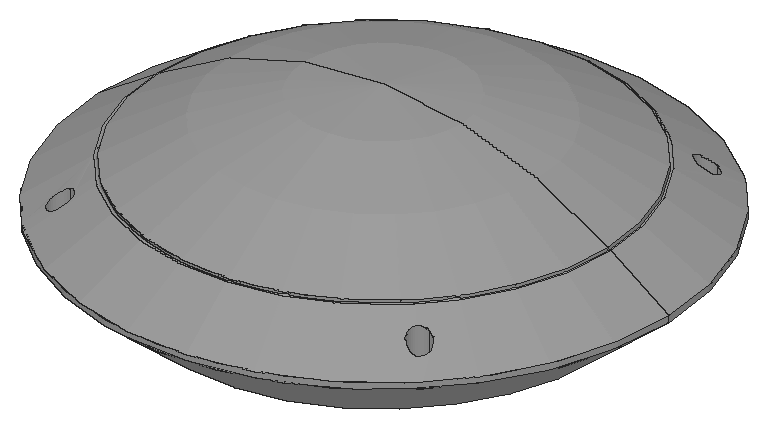
Revit family "0049286+0049343", category Lighting Fixtures, host Face, Revit 2017
Family settings
  Host = Face
  Round Connector Dimension = Use Diameter
  Part Type = Normal
  OmniClass Number = 23.80.70.00
  OmniClass Title = Lighting
  Cut with Voids When Loaded = No
  Light Source = Yes
  Shared = No
  Room Calculation Point = No
Parameters (values of type "0049286 START Surface IP66 1050lm 830 WHT")
  Weight = "4.68 kg"
  Wattage Comments = ""
  Wattage = 12 W
  WarrantyStartDate [instance] = "n/a"
  WarrantyGuarantorParts = "n/a"
  WarrantyDurationUnit = "n/a"
  WarrantyDurationParts = "n/a"
  WarrantyDescription = "n/a"
  built-in parameter 1150110 = 1 (stored number, unit not read)
  Voltage = 0 V
  URL = "http://www.sylvania-lighting.com"
  TypeName = "START Surface IP66 1050lm 830 IK10 WHT"
  Type Image = <None>
  Type Comments = "n/a"
  built-in parameter 1114217 = 1 (stored number, unit not read)
  Tilt Angle = -90.00°
  built-in parameter 1150109 = 1 (stored number, unit not read)
  built-in parameter 1150134 = (empty or 0)
  built-in parameter 1150113 = 1 (stored number, unit not read)
  SerialNumber [instance] = "n/a"
  Photometric Web File = "0049286.ies"
  Material_3_SYL = LED-Sylvania-StartSurfaceIP66
  PowerFactor = 0
  PowerConsumption = "12 W"
  NominalLength = 300 mm
  NominalHeight = 90 mm
  NominalDepth = 300 mm
  Name = "START Surface IP66 1050lm 830 IK10 WHT"
  ModelReference = Name  # "START Surface IP66 1050lm 830 IK10 WHT"
  ModelNumber = "0049286"
  Model = Name  # "START Surface IP66 1050lm 830 IK10 WHT"
  Material = "pc polycarbonate housing, pc polycarbonate diffuser"
  ManufacturerName = "Feilo Sylvania"
  Manufacturer = "Feilo Sylvania"
  LuminousEfficacy = "88 lm/W"
  built-in parameter 1150105 = 84.034 (stored number, unit not read)
  Lumens = 1056 lm
  LuminaireType = ""
  built-in parameter 1150115 = 1 (stored number, unit not read)
  LightOutputRatio = "n/a"
  built-in parameter 1150137 = (empty or 0)
  built-in parameter 1150139 = (empty or 0)
  LampsType = Lamp  # "LED"
  LampNominalLuminous = "1050 lm"
  LampMacAdamStep = "n/a"
  LampColourTemperature = "3000 K"
  LampColourRenderingIndex = "80"
  built-in parameter 1150112 = 1 (stored number, unit not read)
  built-in parameter 1150114 = 1 (stored number, unit not read)
  Lamp = "LED"
  Keynote = "16500"
  InstallationDate [instance] = "n/a"
  InputVoltage = "220-240 V AC"
  InputNominalFrequency = "50/60 Hz"
  built-in parameter 1150132 = (empty or 0)
  built-in parameter 1150102 = (empty or 0)
  built-in parameter 1150107 = 3000 (stored number, unit not read)
  built-in parameter 1150138 = (empty or 0)
  IngressProtection = "IP66"
  ImpactProtectionIndex = "IK10"
  built-in parameter 1150106 = 0.84034 (stored number, unit not read)
  IfcExportType = "IfcLightFixtureType"
  IfcExportAs = "IfcLightFixtureType"
  HoleRad_SYL = 134 mm
  HoleHoleRad_SYL = 6 mm
  HoleAngle_SYL = 45.00°
  Eyelid_SYL = no
  ExpectedLife = 50000
  Emit from Circle Diameter = 200 mm
  Emit Shape Visible in Rendering = no
  ElectricShockClassification = "Class II"
  built-in parameter 1150104 = 8.1755 (stored number, unit not read)
  DurationUnit = "hours"
  DocumentationLiterature = "http://www.sylvania-lighting.com/product/en-int/products/0049286"
  DimmingControlOptions = "n/a"
  Material_2_SYL = Diffuser-Sylvania-StartSurfaceIP66
  Dimming Lamp Color Temperature Shift = <None>
  Description = "LED exterior surface mounted luminaire, 1050lm, 12W power consumption, 88lm/W efficacy, 3000K color temperature, CRI80, non-dimmable, IP66, IK10, 50,000 hours (L70), white housing, vandal resistant"
  Default Elevation = 1219.2 mm
  CreatedOn = "7/17/2019"
  CreatedBy = "@sylvania-lighting.com"
  Cost = 0
  Color Filter = 16777215
  built-in parameter 1114216 [instance] = (empty or 0)
  ClassificationValue = "EF_70_80"
  ClassificationName = "Uniclass2015"
  Material_1_SYL = Body-Sylvania-StartSurfaceIP66-White
  BarCode [instance] = "n/a"
  built-in parameter 1114218 = 1 (stored number, unit not read)
  built-in parameter 1150133 = 10 (stored number, unit not read)
  AssetType = "Fixed"
  AssetIdentifier [instance] = "n/a"
  Assembly Code = "D5020200"
  Apparent Load = 12 VA
Types (2, lengths in mm): name | Photometric Web File | Eyelid_SYL
  0049286 START Surface IP66 1050lm 830 WHT | "0049286.ies" | no
  0049286+0049343 START Surface IP66 1050lm 830 WHT + Eyelid | "0049286+0049343.ies" | yes
Reference planes
  plane 1 "Center (Front/Back)": y = 0
  plane 2: z = 0
  plane 3 "Center (Left/Right)": x = 0
  plane 4: x = 150
  plane 5: x = -150
  plane 6: z = 90
  plane 7: z = 30
  plane 8: z = 54
  plane 9: x = -113
  plane 10: x = 113
  plane 11: x = -118
  plane 12: z = 33
  plane 13: z = 51
  plane 14: z = 87
  plane 15: z = 92
  plane 16: x = -148
  plane 17: y = -13
Forms (mm)
  Revolve 1, solid, material "Diffuser-Sylvania-StartSurfaceIP66" <- "Material_2_SYL"
    sketch origin (0, 0, 0) x (1, 0, 0) y (0, 0, 1)
      loop
        arc (0, 90) -> (-61.685, 80.8) -> (-118, 54) r 211.389
        line (-118, 54) -> (-118, 51) -> (-117.081, 51)
        arc (-117.081, 51) -> (-61.245, 77.797) -> (0, 87) r 208.389
        line (0, 87) -> (0, 90)
      axis (0, 90) -> (0, 51)
    angle from 360 to 0
  Revolve 2, solid, material "Body-Sylvania-StartSurfaceIP66-White" <- "Material_1_SYL"
    sketch origin (0, 0, 0) x (1, 0, 0) y (0, 0, 1)
      loop
        line (0, 0) -> (0, 33) -> (-118, 33) -> (-118, 52.116)
        arc (-118, 52.116) -> (-118.529, 53.009) -> (-119.566, 52.973) r 1.017
        line (-119.566, 52.973) -> (-150, 33) -> (-150, 30) -> (-113, 0) -> (0, 0)
      axis (0, 52.973) -> (0, 0)
    angle from 360 to 0
  Extrusion 3, void
    sketch origin (-1534.635, -4572, 33) x (0, -1, 0) y (-1, 0, 0)
      loop
        circle (-4666.752, -1439.882) r 6
      loop
        circle (-4666.752, -1629.387) r 6
      loop
        circle (-4477.248, -1439.882) r 6
      loop
        circle (-4477.248, -1629.387) r 6
    from -18 to 0
  Revolve 4, solid, material "Body-Sylvania-StartSurfaceIP66-White" <- "Material_1_SYL", visible <- "Eyelid_SYL"
    sketch origin (0, 0, 0) x (1, 0, 0) y (0, 0, 1)
      loop
        line (0, 90) -> (0, 92)
        arc (0, 92) -> (-79.423, 77.068) -> (-148, 34.313) r 218.694
        line (-148, 34.313) -> (-118, 54)
        arc (-118, 54) -> (-61.685, 80.8) -> (0, 90) r 211.389
      axis (0, 92) -> (0, 34.313)
    angle from 360 to 0
  Extrusion 5, void
    sketch origin (-1534.635, -4572, 33) x (0, -1, 0) y (-1, 0, 0)
      loop
        line (-4367.393, -1384.635) -> (-4559, -1384.635)
        arc (-4559, -1384.635) -> (-4572, -1534.635) -> (-4559, -1684.635) r 871.885
        line (-4559, -1684.635) -> (-4367.393, -1684.635) -> (-4367.393, -1384.635)
    from -82.978 to 19.568
Cuts and joins
  Extrusion 3 cuts Revolve 2
  Extrusion 3, Extrusion 5 cuts Revolve 4
Lines and regions (mm)
  reference lines
    curve 1: line (-150, 0, 33) -> (-118, 0, 54)
    curve 2: circle (0, 0, 0) r 134 normal (0, 0, 1)
    curve 3: line (0, 0, 0) -> (-94.752, 94.752, 0)
    curve 4: line (0, 0, 0) -> (94.752, 94.752, 0)
    curve 5: line (0, 0, 0) -> (-94.752, -94.752, 0)
    curve 6: line (0, 0, 0) -> (94.752, -94.752, 0)
Dimensions and locks
  locked: plane 6 to plane 2 at 90
  plane 8 to plane 7 to plane 2 = 24 mm locked, 30 mm locked
  equal spacing: plane 4, plane 3 "Center (Left/Right)", plane 5
  locked: plane 4 to plane 5 at 300
  equal spacing: plane 10, plane 3 "Center (Left/Right)", plane 9
  locked: plane 9 to plane 5 at 37
  locked: plane 9 to plane 11 at 5
  locked: plane 12 to plane 7 at 3
  locked: plane 8 to plane 13 at 3
  locked: plane 6 to plane 14 at 3
  locked: plane 15 to plane 6 at 2
  locked: plane 16 to plane 5 at 2
  locked: plane 17 to plane 1 "Center (Front/Back)" at 13
  "HoleRad_SYL": radius of curve 2
  "HoleHoleRad_SYL": radius of Extrusion 3 sketch curve  (x4)
  "HoleAngle_SYL": angle curve 3 to plane 1 "Center (Front/Back)"
  "HoleAngle_SYL": angle plane 1 "Center (Front/Back)" to curve 4
  "HoleAngle_SYL": angle plane 1 "Center (Front/Back)" to curve 5
  "HoleAngle_SYL": angle curve 6 to plane 1 "Center (Front/Back)"
  aligned and locked: plane 2 to host face
  aligned and locked: level to host face
  aligned and locked: plane 5 to curve 1
  aligned and locked: plane 11 to curve 1
  aligned and locked: Revolve 1 sketch curve to plane 3 "Center (Left/Right)"
  aligned and locked: curve 1 to Revolve 1 sketch curve
  aligned and locked: plane 6 to Revolve 1 sketch curve
  aligned and locked: plane 3 "Center (Left/Right)" to Revolve 1 sketch curve  (x2)
  aligned and locked: plane 11 to Revolve 1 sketch curve  (x2)
  aligned and locked: plane 13 to Revolve 1 sketch curve  (x2)
  aligned and locked: plane 14 to Revolve 1 sketch curve
  aligned and locked: Revolve 2 sketch curve to plane 3 "Center (Left/Right)"  (x2)
  aligned and locked: level to Revolve 2 sketch curve
  aligned and locked: plane 5 to Revolve 2 sketch curve
  aligned and locked: Revolve 2 sketch curve to curve 1
  aligned and locked: plane 3 "Center (Left/Right)" to curve 3
  aligned and locked: plane 13 to Extrusion 3
  aligned and locked: Extrusion 3 to plane 12
  aligned and locked: Revolve 2 sketch curve to plane 12
  aligned and locked: Revolve 4 sketch curve to plane 3 "Center (Left/Right)"  (x2)
  aligned and locked: Revolve 1 to Revolve 4 sketch curve
  aligned and locked: Revolve 4 sketch curve to curve 1
  aligned and locked: plane 11 to Revolve 4 sketch curve
  aligned and locked: plane 16 to Revolve 4 sketch curve
  aligned and locked: plane 15 to Revolve 4 sketch curve
  aligned and locked: plane 4 to Extrusion 5
  aligned and locked: Extrusion 5 to plane 5
  aligned and locked: plane 3 "Center (Left/Right)" to imposter light
  aligned and locked: imposter light to plane 1 "Center (Front/Back)"
  aligned and locked: plane 8 to imposter light
Automatic sketch dimensions
  host sketch curve to host sketch curve = 600 mm  (x2)
  curve 1 to plane 8 = 0 mm
  curve 1 to plane 12 = 0 mm
  Revolve 1 sketch curve to Revolve 1 sketch curve = 0 mm
  Revolve 1 sketch curve to Revolve 1 sketch curve = 488.211 mm
  Revolve 1 sketch curve to Revolve 1 sketch curve = 2519.058 mm
  plane 1 "Center (Front/Back)" to curve 2 = 0 mm
  curve 2 to plane 3 "Center (Left/Right)" = 0 mm
  plane 1 "Center (Front/Back)" to curve 4 = 0 mm
  Extrusion 3 sketch curve to plane 10 = 18.248 mm  (x2)
  Extrusion 3 sketch curve to plane 1 "Center (Front/Back)" = 94.752 mm  (x2)
  plane 9 to Extrusion 3 sketch curve = 18.248 mm  (x2)
  plane 1 "Center (Front/Back)" to Extrusion 3 sketch curve = 94.752 mm  (x2)
  Revolve 2 sketch curve to plane 9 = 0 mm
  Revolve 2 sketch curve to plane 7 = 0 mm
  Revolve 2 sketch curve to plane 8 = 1.027 mm
  Revolve 2 sketch curve to Revolve 2 sketch curve = 0.549 mm
  Revolve 2 sketch curve to level = 609.6 mm
  plane 6 to Revolve 2 sketch curve = 2519.058 mm
  Revolve 2 sketch curve to plane 11 = 0 mm
  Revolve 4 sketch curve to plane 6 = 0 mm
  Revolve 4 sketch curve to Revolve 4 sketch curve = 482.906 mm
  Revolve 4 sketch curve to Revolve 4 sketch curve = 2517.058 mm
  Extrusion 5 sketch curve to plane 5 = 0 mm
  Extrusion 5 sketch curve to plane 4 = 0 mm
  plane 17 to Extrusion 5 sketch curve = 191.607 mm
  Extrusion 5 sketch curve to Extrusion 5 sketch curve = 667.277 mm
  plane 17 to Extrusion 5 sketch curve = 0 mm  (x2)
Connectors
  electrical at (0, 0, 0), driven by "Apparent Load", driven by "PowerFactor", driven by "Voltage"
    settings: index 1, voltage 0 V, apparent load 12 VA, apparent load phase1 0 VA, apparent load phase2 0 VA, apparent load phase3 0 VA, power factor 0, load classification "Lighting", number of poles 1, system type 30, power factor state 1, is connector primary yes, connector utility no, sub classification motor no, connector description ""
